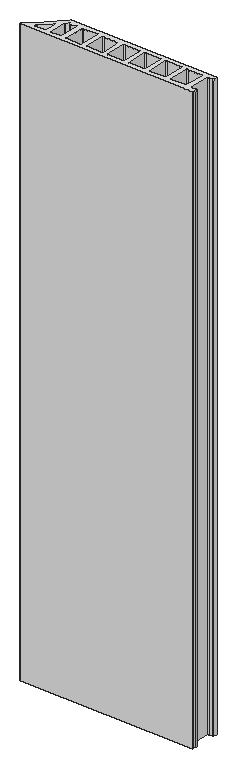
Revit family "ECP_MNY45-10059", category Generic Models, Revit 2022
Family settings
  Can host rebar = No
  Round Connector Dimension = Use Diameter
  Part Type = Normal
  Work Plane-Based = No
  Always vertical = Yes
  Cut with Voids When Loaded = Yes
  Maintain Annotation Orientation = No
  Shared = No
  Room Calculation Point = No
Parameters (values of type "ECP_MNY45-10059")
  長さ [instance] = 2000 mm
  穴表示 = yes
  材質 = 40Msr_ECP
  Default Elevation = 0 mm
  既存長さ = 600 mm
  幅 [instance] = 590 mm
  固定寸法 = 590 mm
  厚さ = 100 mm
  メースカット非表示 = yes
  メースカット [instance] = 既存長さ - 幅 - 10 mm  # 0 mm
  オースカット = 0 mm
Reference planes
  plane 1 "中心(正面/背面)": y = 0
  plane 2: z = 0
  plane 3 "中心(左/右)": x = 0
  plane 4: y = -50
  plane 5: y = 50
  plane 6: z = 2000
  plane 7: x = 590
Forms (mm)
  Extrusion 1, solid, material "40Msr_ECP" <- "材質", detail levels fine
    sketch origin (0, 0, 0) x (1, 0, 0) y (0, 1, 0)
      loop
        line (2, -50) -> (588, -50) -> (590, -48) -> (590, -38)
        arc (590, -38) -> (589.121, -35.879) -> (587, -35) r 3
        line (587, -35) -> (573, -35)
        arc (573, -35) -> (570.879, -34.121) -> (570, -32) r 3
        line (570, -32) -> (570, 32)
        arc (570, 32) -> (570.879, 34.121) -> (573, 35) r 3
        line (573, 35) -> (587, 35)
        arc (587, 35) -> (589.121, 35.879) -> (590, 38) r 3
        line (590, 38) -> (590, 48) -> (588, 50) -> (95, 50) -> (70, 25) -> (70, 22.172) -> (47.828, 0) -> (45, 0) -> (0, -45) -> (0, -48) -> (2, -50)
    from 0 to 2000
  Extrusion 2, void
    sketch origin (-50, 0, 0) x (1, 0, 0) y (0, 1, 0)
      loop
        line (640, -50) -> (650, -50) -> (650, 50) -> (640, 50) -> (640, -50)
    from 0 to 2000
  Extrusion 3, void
    sketch origin (-617, 0, 0) x (1, 0, 0) y (0, 1, 0)
      loop
        line (746, -32) -> (746, 32)
        arc (746, 32) -> (745.122, 34.121) -> (743, 35) r 3
        line (743, 35) -> (719.456, 35)
        arc (719.456, 35) -> (718.308, 34.772) -> (717.335, 34.121) r 3
        line (717.335, 34.121) -> (708.879, 25.665)
        arc (708.879, 25.665) -> (708.229, 24.692) -> (708, 23.544) r 3
        line (708, 23.544) -> (708, -32)
        arc (708, -32) -> (708.879, -34.121) -> (711, -35) r 3
        line (711, -35) -> (743, -35)
        arc (743, -35) -> (745.122, -34.121) -> (746, -32) r 3
      loop
        line (764, -35) -> (814, -35)
        arc (814, -35) -> (816.122, -34.121) -> (817, -32) r 3
        line (817, -32) -> (817, 32)
        arc (817, 32) -> (816.122, 34.121) -> (814, 35) r 3
        line (814, 35) -> (764, 35)
        arc (764, 35) -> (761.879, 34.121) -> (761, 32) r 3
        line (761, 32) -> (761, -32)
        arc (761, -32) -> (761.879, -34.121) -> (764, -35) r 3
      loop
        line (835, -35) -> (885, -35)
        arc (885, -35) -> (887.122, -34.121) -> (888, -32) r 3
        line (888, -32) -> (888, 32)
        arc (888, 32) -> (887.122, 34.121) -> (885, 35) r 3
        line (885, 35) -> (835, 35)
        arc (835, 35) -> (832.879, 34.121) -> (832, 32) r 3
        line (832, 32) -> (832, -32)
        arc (832, -32) -> (832.879, -34.121) -> (835, -35) r 3
      loop
        line (906, -35) -> (956, -35)
        arc (956, -35) -> (958.122, -34.121) -> (959, -32) r 3
        line (959, -32) -> (959, 32)
        arc (959, 32) -> (958.122, 34.121) -> (956, 35) r 3
        line (956, 35) -> (906, 35)
        arc (906, 35) -> (903.879, 34.121) -> (903, 32) r 3
        line (903, 32) -> (903, -32)
        arc (903, -32) -> (903.879, -34.121) -> (906, -35) r 3
      loop
        line (977, -35) -> (1027, -35)
        arc (1027, -35) -> (1029.122, -34.121) -> (1030, -32) r 3
        line (1030, -32) -> (1030, 32)
        arc (1030, 32) -> (1029.122, 34.121) -> (1027, 35) r 3
        line (1027, 35) -> (977, 35)
        arc (977, 35) -> (974.879, 34.121) -> (974, 32) r 3
        line (974, 32) -> (974, -32)
        arc (974, -32) -> (974.879, -34.121) -> (977, -35) r 3
      loop
        line (1048, -35) -> (1098, -35)
        arc (1098, -35) -> (1100.122, -34.121) -> (1101, -32) r 3
        line (1101, -32) -> (1101, 32)
        arc (1101, 32) -> (1100.122, 34.121) -> (1098, 35) r 3
        line (1098, 35) -> (1048, 35)
        arc (1048, 35) -> (1045.879, 34.121) -> (1045, 32) r 3
        line (1045, 32) -> (1045, -32)
        arc (1045, -32) -> (1045.879, -34.121) -> (1048, -35) r 3
      loop
        line (1119, -35) -> (1169, -35)
        arc (1169, -35) -> (1171.122, -34.121) -> (1172, -32) r 3
        line (1172, -32) -> (1172, 32)
        arc (1172, 32) -> (1171.122, 34.121) -> (1169, 35) r 3
        line (1169, 35) -> (1119, 35)
        arc (1119, 35) -> (1116.879, 34.121) -> (1116, 32) r 3
        line (1116, 32) -> (1116, -32)
        arc (1116, -32) -> (1116.879, -34.121) -> (1119, -35) r 3
      loop
        arc (693, 2.544) -> (691.148, 5.316) -> (687.879, 4.665) r 3
        line (687.879, 4.665) -> (655.879, -27.335)
        arc (655.879, -27.335) -> (655.229, -28.308) -> (655, -29.456) r 3
        line (655, -29.456) -> (655, -32)
        arc (655, -32) -> (655.879, -34.121) -> (658, -35) r 3
        line (658, -35) -> (690, -35)
        arc (690, -35) -> (692.122, -34.121) -> (693, -32) r 3
        line (693, -32) -> (693, 2.544)
    from 0 to 2000
Cuts and joins
  Extrusion 2, Extrusion 3 cuts Extrusion 1
Lines and regions (mm)
  symbolic lines, style "ECPパネル", detail levels coarse+medium
    curve 1: line (95, 50, 0) -> (590, 50, 0)
    curve 2: line (590, -50, 0) -> (2, -50, 0)
    curve 3: line (590, 50, 0) -> (590, -50, 0)
    curve 4: line (0, 0, 0) -> (590, 0, 0)
    curve 5: line (0, 0, 2000) -> (0, 0, 0)
    curve 6: line (590, 0, 2000) -> (0, 0, 2000)
    curve 7: line (590, 0, 0) -> (590, 0, 2000)
    curve 8: line (0, -50, 2000) -> (0, 50, 2000)
    curve 9: line (0, -50, 0) -> (0, -50, 2000)
    curve 10: line (0, 50, 0) -> (0, -50, 0)
    curve 11: line (0, 50, 2000) -> (0, 50, 0)
    curve 12: line (45, 0, 0) -> (47.828, 0, 0)
    curve 13: line (0, -45, 0) -> (0, -48, 0)
    curve 14: line (45, 0, 0) -> (0, -45, 0)
    curve 15: line (70, 22.172, 0) -> (47.828, 0, 0)
    curve 16: line (70, 25, 0) -> (70, 22.172, 0)
    curve 17: line (95, 50, 0) -> (70, 25, 0)
    curve 18: line (0, -48, 0) -> (2, -50, 0)
Dimensions and locks
  "厚さ": plane 4 to plane 5
  "長さ": plane 6 to level
  equal spacing: plane 4, plane 1 "中心(正面/背面)", plane 5
  "長さ": cut or joined group of Extrusion 1, Extrusion 2, Extrusion 3 to level
  "長さ": Extrusion 2 to level
  "幅": cut or joined group of Extrusion 1, Extrusion 2, Extrusion 3 to curve 7
  "長さ": level to Extrusion 3
  "幅": plane 3 "中心(左/右)" to plane 7
  "固定寸法": plane 3 "中心(左/右)" to cut or joined group of Extrusion 1, Extrusion 2, Extrusion 3
  "メースカット": Extrusion 2 sketch curve to cut or joined group of Extrusion 1, Extrusion 2, Extrusion 3
  "既存長さ": plane 3 "中心(左/右)" to Extrusion 2
  aligned and locked: level to plane 2
Automatic sketch dimensions
  curve 10 to level = 0 mm
  curve 10 to plane 4 = 0 mm
  curve 10 to plane 5 = 0 mm
  curve 9 to plane 6 = 0 mm
  curve 6 to plane 3 "中心(左/右)" = 0 mm
  curve 6 to plane 6 = 0 mm
  curve 7 to level = 0 mm
  plane 1 "中心(正面/背面)" to Extrusion 1 sketch curve = 0 mm
  Extrusion 1 sketch curve to plane 1 "中心(正面/背面)" = 22.172 mm
  Extrusion 1 sketch curve to Extrusion 1 sketch curve = 3 mm  (x3)
  Extrusion 1 sketch curve to plane 4 = 2 mm  (x2)
  Extrusion 1 sketch curve to Extrusion 1 sketch curve = 10 mm
  Extrusion 1 sketch curve to Extrusion 1 sketch curve = 2.828 mm  (x2)
  plane 5 to Extrusion 1 sketch curve = 18 mm
  plane 5 to Extrusion 1 sketch curve = 2 mm
  plane 3 "中心(左/右)" to Extrusion 1 sketch curve = 2 mm
  Extrusion 1 sketch curve to Extrusion 1 sketch curve = 25 mm
  Extrusion 1 sketch curve to Extrusion 1 sketch curve = 22.172 mm
  plane 3 "中心(左/右)" to Extrusion 1 sketch curve = 45 mm
  Extrusion 1 sketch curve to plane 3 "中心(左/右)" = 0 mm
  plane 5 to Extrusion 1 sketch curve = 0 mm
  plane 4 to Extrusion 1 sketch curve = 0 mm
  plane 3 "中心(左/右)" to Extrusion 3 sketch curve = 38 mm
  Extrusion 3 sketch curve to plane 4 = 22.666 mm
  Extrusion 3 sketch curve to Extrusion 3 sketch curve = 0.879 mm  (x2)
  Extrusion 3 sketch curve to Extrusion 3 sketch curve = 3 mm  (x23)
  Extrusion 3 sketch curve to Extrusion 3 sketch curve = 0 mm  (x5)
  Extrusion 3 sketch curve to plane 1 "中心(正面/背面)" = 4.666 mm
  Extrusion 3 sketch curve to Extrusion 3 sketch curve = 32 mm  (x3)
  Extrusion 3 sketch curve to Extrusion 3 sketch curve = 2.121 mm  (x3)
  Extrusion 3 sketch curve to Extrusion 3 sketch curve = 15 mm  (x7)
  plane 5 to Extrusion 3 sketch curve = 24.334 mm
  plane 5 to Extrusion 3 sketch curve = 15.879 mm
  Extrusion 3 sketch curve to Extrusion 3 sketch curve = 23.544 mm
  Extrusion 3 sketch curve to plane 4 = 15 mm  (x5)
  Extrusion 3 sketch curve to Extrusion 3 sketch curve = 50 mm  (x10)
  plane 5 to Extrusion 3 sketch curve = 15 mm  (x2)
  Extrusion 3 sketch curve to plane 4 = 18 mm  (x2)
  Extrusion 3 sketch curve to Extrusion 3 sketch curve = 5.544 mm
  plane 5 to Extrusion 3 sketch curve = 18 mm  (x2)
  Extrusion 3 sketch curve to Extrusion 3 sketch curve = 9.334 mm
  Extrusion 1 sketch curve to plane 4 = 18 mm
  Extrusion 1 sketch curve to Extrusion 1 sketch curve = 475 mm
  Extrusion 1 sketch curve to Extrusion 1 sketch curve = 14 mm  (x2)
  Extrusion 1 sketch curve to Extrusion 1 sketch curve = 1 mm
  Extrusion 1 sketch curve to Extrusion 1 sketch curve = 2 mm  (x2)
  plane 4 to Extrusion 2 sketch curve = 0 mm
  plane 5 to Extrusion 2 sketch curve = 0 mm
  Extrusion 2 sketch curve to Extrusion 2 sketch curve = 10 mm
  curve 18 to plane 3 "中心(左/右)" = 0 mm
  plane 4 to curve 2 = 0 mm
  plane 1 "中心(正面/背面)" to curve 12 = 0 mm
  plane 5 to curve 17 = 0 mm
  curve 3 to plane 7 = 0 mm
  plane 3 "中心(左/右)" to curve 2 = 2 mm
  plane 3 "中心(左/右)" to curve 12 = 45 mm
  curve 12 to curve 15 = 2.828 mm
  curve 12 to curve 16 = 22.172 mm
  curve 16 to curve 17 = 25 mm
  curve 13 to plane 4 = 2 mm
  curve 13 to curve 14 = 3 mm
  curve 16 to plane 1 "中心(正面/背面)" = 22.172 mm
  curve 15 to curve 16 = 2.828 mm
